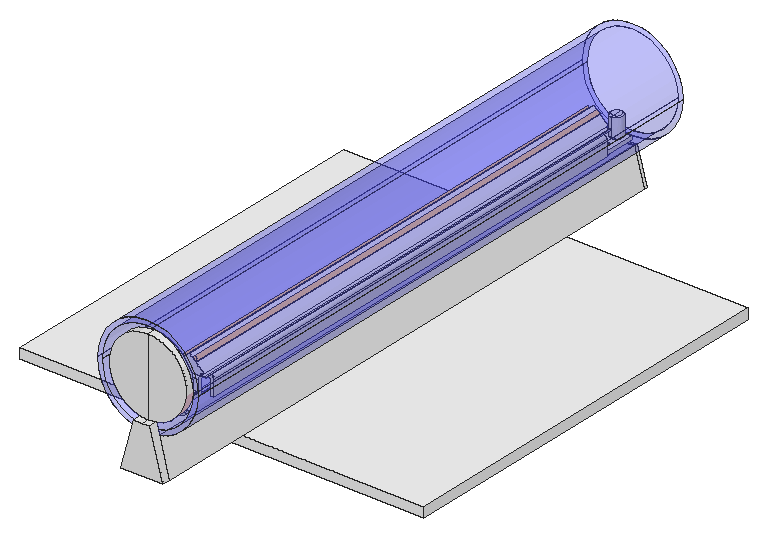
Revit family "BE_50084.1_de_DE", category Leuchten, Revit 2015
Parameters (values of type "BEGA_50084.1_K4")
  built-in parameter 1150104 = 13.285 (stored number, unit not read)
  Wattage = 30 W
  Default Elevation = 0 mm
  built-in parameter 1150113 = 1 (stored number, unit not read)
  built-in parameter 1114218 = 1 (stored number, unit not read)
  Umgebungstemperatur = "25 °C"
  URL = "http://www.bega.de/produkt/50084.1"
  Typenkommentare = "© 2017 BEGA. Wir behalten uns das Recht vor, technische Änderungen ohne vorherige Ankündigung vorzunehmen."  # constant formula
  built-in parameter 1150134 = 12
  built-in parameter 1150109 = 1 (stored number, unit not read)
  Strom = ""
  built-in parameter 1150110 = 1 (stored number, unit not read)
  Spannung = 239.996 V
  Sonderanfertigung = no
  Seriennummer [instance] = "Hier können Sie die eindeutige Seriennummer für das Facility Management eintragen."
  Schutzklasse = "I"
  Schutzart = "IP 20"
  Scheinlast = 0 VA
  Produktdatenblatt = "http://www.bega.de/download/Xrfa/db/50084.1.db.de.pdf"
  Oberflächentemperatur = ""
  Neigungswinkel = 0.00°
  Modell = "50084.1K4"
  Material_17 = BEGA_Reflektor
  Material_15 = BEGA_Leuchtmedium_matt
  Material_11 = BEGA_Glas_opal
  Material_10 = BEGA_Glas_matt
  Material_09 = BEGA_Glas_klar
  Material_06 = BEGA_Oberfläche_Edelstahl_gebürstet
  Material_05 = BEGA_Oberfläche_Aluminium Guss
  Material_03 = BEGA_Oberfläche_Weiss_matt
  Material_02 = BEGA_Oberfläche_Silber_matt
  Material_01 [instance] = BEGA_Oberfläche_Grafit_matt
  M_W = no
  M_G = no
  M_A = no
  Logo = 0
  built-in parameter 1114217 = 1 (stored number, unit not read)
  built-in parameter 1150139 = (empty or 0)
  built-in parameter 1150105 = 341.39 (stored number, unit not read)
  built-in parameter 1150114 = 1 (stored number, unit not read)
  Lumens = 4290 lm
  built-in parameter 1150115 = 1 (stored number, unit not read)
  Leuchtenlichtstrom = "3432 lm"
  Leuchtenanzahl = ""
  Lebensdauerkriterien = "L70B50 @ 25 °C = 159000 h"
  Lastklassifizierung = Beleuchtung
  built-in parameter 1150112 = 1 (stored number, unit not read)
  Lampenlichtstrom = "4290 lm"
  Lampe = "LED 30 W"
  LED_Modulbezeichnung = "2x LED-0626/940 + 2x LED-0627/940 "
  Hersteller = "BEGA"  # constant formula
  Halbstreuwinkel = ""
  Gewicht = "3.0 kg"
  Gebrauchslageneinschränkung [instance] = ""
  Frequenz = "0/50-60 Hz"
  Farbwiedergabeindex = "Ra > 90"
  Farbtemperaturverschiebung bei Dämpfen der Lampe = <Keine Auswahl>
  Farbtemperatur = "4000 K"
  Color Filter = 16777215
  built-in parameter 1150133 = 10 (stored number, unit not read)
  Energieeffizienzklasse = "LED A++ - A"
  built-in parameter 1150137 = (empty or 0)
  built-in parameter 1150132 = (empty or 0)
  ENEC = ""
  Dimmbar [instance] = "DALI"
  Datei für fotometrisches Netz = "BE_50084K4.IES"
  CE_Konformität = "ja"
  Bestellnummer = "50084.1K4"
  Beschreibung_Sonderanfertigung = "Hier können Sie Informationen zur Sonderanfertigung eintragen."
  Beschreibung = "Wandleuchte"
  built-in parameter 1150106 = 3.4139 (stored number, unit not read)
  Befestigungsbohrung = "Ø 6,5 mm"
  Befestigungsabstand = "520 mm"
  Ballwurfsicher = ""
  BEGA_Intern_aus = yes
  BEGA_Intern_an = yes
  BEGA_Intern_Konstruktion = yes
  BEGA_Intern = yes
  BEGA_IES = yes
  BEGA_Dummy = no
  Anschlussleitung = ""
  Anschlussleistung [instance] = "35.6 W"
  Anschlusskasten = ""
  built-in parameter 1150107 = 4000 (stored number, unit not read)
  built-in parameter 1150102 = (empty or 0)
  built-in parameter 1150138 = (empty or 0)
  Aktualisierung = "2017-09-29T04:10:01"
  Abstand_zur_angestrahlten_Fläche [instance] = ""
  AC/DC = "AC/DC"
Types (2, lengths in mm): name | built-in parameter 1150104 | built-in parameter 1150134 | Modell | built-in parameter 1150105 | Lumens | Leuchtenlichtstrom | Lampenlichtstrom | LED_Modulbezeichnung | Farbtemperatur | Datei für fotometrisches Netz | Bestellnummer | built-in parameter 1150106 | built-in parameter 1150107
  BEGA_50084.1_K3 | 11.919 (stored number, unit not read) | (empty or 0) | "50084.1" | 306.29 (stored number, unit not read) | 3849 lm | "3311 lm" | "3850 lm" | "2x LED-0626/930 + 2x LED-0627/930 " | "3000 K" | "BE_50084.IES" | "50084.1" | 3.0629 (stored number, unit not read) | 3000 (stored number, unit not read)
  BEGA_50084.1_K4 | 13.285 (stored number, unit not read) | 12 | "50084.1K4" | 341.39 (stored number, unit not read) | 4290 lm | "3432 lm" | "4290 lm" | "2x LED-0626/940 + 2x LED-0627/940 " | "4000 K" | "BE_50084K4.IES" | "50084.1K4" | 3.4139 (stored number, unit not read) | 4000 (stored number, unit not read)
Reference planes
  plane 1 "Mitte (Vorne/Hinten)": y = 0
  plane 2: z = 0
  plane 3 "Mitte (Links/Rechts)": x = 0
  plane 4 "Links": x = -50
  plane 5 "Rechts": x = 50
  plane 6 "Unten": y = -298.9
  plane 7 "Oben": y = 308
  plane 8 "Vorne": z = 134.681
  plane 9 "Hinten": z = 0
Forms (mm)
  Extrusion 1, solid, material "BEGA_Platte_Weiss"
    sketch origin (0, -1119.2, 0) x (1, 0, 0) y (0, 1, 0)
      loop
        line (-200, 1319.2) -> (-200, 919.2) -> (200, 919.2) -> (200, 1319.2) -> (-200, 1319.2)
    from 0 to -10
  Extrusion 2, solid, material "BEGA_Dummy_matt", visible <- "BEGA_Dummy"
    sketch origin (80.095, -76.023, 0) x (1, 0, 0) y (0, 1, 0)
      loop
        line (-130.095, 384.023) -> (-130.095, -222.877) -> (-30.095, -222.877) -> (-30.095, 384.023) -> (-130.095, 384.023)
    from 0 to 134.681
Dimensions and locks
  plane 1 "Mitte (Vorne/Hinten)" to Extrusion 1 = 200 mm
  aligned and locked: plane 2 to Extrusion 1
  aligned and locked: level to Extrusion 1
Nested families
  nested 1: "BE_50084.1" at (0, 0, 0), type "BE_50084.1"
Connectors
  electrical at (0, 0, 0), driven by "Lastklassifizierung", driven by "Spannung", driven by "Scheinlast"
    settings: index 1, voltage 239.996 V, apparent load 0 VA, apparent load phase1 0 VA, apparent load phase2 0 VA, apparent load phase3 0 VA, power factor 1, load classification "Beleuchtung", number of poles 1, system type 31, power factor state 1, is connector primary yes, connector utility no, sub classification motor no, connector description ""
Definition of nested family "BE_50084.1"
  Parameters (values of type "BE_50084.1")
    Default Elevation = 1 mm
    URL = "http://www.bega.de/de/produkt"
    Type Comments = "© 2015 BEGA. Wir behalten uns das Recht vor, technische Änderungen ohne vorherige Ankündigung vorzunehmen. "  # constant formula
    Type Image = (empty or 0)
    Neigungswinkel_um_Z2 = 0.00°
    Neigungswinkel_um_Z1 = 0.00°
    Neigungswinkel_um_Y2 = 0.00°
    Neigungswinkel_um_Y1 = 0.00°
    Neigungswinkel_um_X2 = 0.00°
    Neigungswinkel_um_X1 = 0.00°
    Material_17 = none
    Material_15 = none
    Material_11 = none
    Material_10 = none
    Material_09 = none
    Material_06 = none
    Material_05 = none
    Material_03 = none
    Material_02 = none
    Material_01 = none
    M_W = yes
    M_G = yes
    M_A = yes
    Länge_Platte = 200 mm  # constant formula
    Höhe_Platte = -10 mm  # constant formula
    Manufacturer = "BEGA"  # constant formula
    Drehwinkel_um_Z2 = 0.00°
    Drehwinkel_um_Z1 = 0.00°
    Breite_Platte = 700 mm  # constant formula
  Reference planes
    plane 1 "Mitte (Oben/Unten)": y = 0
    plane 2: z = 0
    plane 3 "Mitte (Links/Rechts)": x = 0
    plane 4: x = -50
    plane 5: z = 134.681
    plane 6: x = 50
    plane 7: y = -298.9
    plane 8: y = 308
  Forms (mm)
    Extrusion 1, solid, detail levels medium
      sketch origin (0, 0, 0) x (1, 0, 0) y (0, 1, 0)
        loop
          line (-100, 350) -> (-100, -350) -> (100, -350) -> (100, 350) -> (-100, 350)
      from 0 to -10 <- "Höhe_Platte"
    Extrusion 2, solid, material <- "Material_03", detail levels medium+fine
      sketch origin (0, 0, 0) x (1, 0, 0) y (0, 0, 1)
        loop
          line (-20.646, 0) -> (20.646, 0) -> (11.012, 35.956)
          arc (11.012, 35.956) -> (0, 34.411) -> (-11.012, 35.956) r 40
          line (-11.012, 35.956) -> (-20.646, 0)
      from -299 to -297
    Extrusion 3, solid, material <- "Material_03", detail levels medium+fine
      sketch origin (0, 0, 0) x (1, 0, 0) y (0, 0, -1)
        loop
          line (-20.646, 0) -> (-7.972, -47.302)
          arc (-7.972, -47.302) -> (-4.008, -46.672) -> (0, -46.461) r 38.219
          arc (0, -46.461) -> (4.008, -46.672) -> (7.972, -47.302) r 38.219
          line (7.972, -47.302) -> (20.646, 0) -> (-20.646, 0)
      from -298.9 to -291.428
    Revolve 4, solid, material <- "Material_03", detail levels medium+fine
      sketch origin (0, 0, 0) x (0, 1, 0) y (0, 0, 1)
        loop
          line (-291.428, 84.681) -> (-283.4, 84.681) -> (-283.4, 122.9) -> (-291.428, 122.9) -> (-291.428, 84.681)
        axis (-283.4, 84.681) -> (-291.428, 84.681)
      angle from 0 to 360
    Extrusion 5, solid, material <- "Material_03", detail levels medium+fine
      sketch origin (0, 0, 0) x (1, 0, 0) y (0, 0, 1)
        loop
          line (20.646, 0) -> (11.012, 35.956)
          arc (11.012, 35.956) -> (0, 34.411) -> (-11.012, 35.956) r 40
          line (-11.012, 35.956) -> (-20.646, 0) -> (-18.576, 0) -> (-10.152, 31.437)
          arc (-10.152, 31.437) -> (-9.235, 32.642) -> (-7.737, 32.86) r 2
          arc (-7.737, 32.86) -> (-0.004, 31.911) -> (7.729, 32.858) r 32
          arc (7.729, 32.858) -> (9.232, 32.644) -> (10.152, 31.437) r 2
          line (10.152, 31.437) -> (18.576, 0) -> (20.646, 0)
      from -297 to 291.428
    Extrusion 6, solid, material <- "Material_11", detail levels medium+fine
      sketch origin (0, 0, 0) x (1, 0, 0) y (0, 0, 1)
        loop
          circle (0, 84.681) r 50
        loop
          circle (0, 84.681) r 45
      from -308 to 291.428
    Extrusion 7, solid, material <- "Material_03", detail levels medium+fine
      sketch origin (0, 0, 0) x (1, 0, 0) y (0, 0, 1)
        loop
          arc (-15, 67) -> (-17.828, 65.828) -> (-19, 63) r 4
          line (-19, 63) -> (-19, 48) -> (-16, 48) -> (-16, 63)
          arc (-16, 63) -> (-15.707, 63.707) -> (-15, 64) r 1
          line (-15, 64) -> (15, 64)
          arc (15, 64) -> (15.707, 63.707) -> (16, 63) r 1
          line (16, 63) -> (16, 48) -> (19, 48) -> (19, 63)
          arc (19, 63) -> (17.828, 65.828) -> (15, 67) r 4
          line (15, 67) -> (-15, 67)
      from -251.46 to 233.382
    Extrusion 8, solid, material <- "Material_03", detail levels medium+fine
      sketch origin (0, 0, 0) x (0, 1, 0) y (0, 0, 1)
        loop
          arc (254.978, 44.6) -> (256.15, 41.772) -> (258.978, 40.6) r 4
          line (258.978, 40.6) -> (294.978, 40.6) -> (294.978, 43.6) -> (258.978, 43.6)
          arc (258.978, 43.6) -> (258.271, 43.893) -> (257.978, 44.6) r 1
          line (257.978, 44.6) -> (257.978, 63)
          arc (257.978, 63) -> (256.807, 65.828) -> (253.978, 67) r 4
          line (253.978, 67) -> (251.46, 67) -> (251.46, 64) -> (253.978, 64)
          arc (253.978, 64) -> (254.685, 63.707) -> (254.978, 63) r 1
          line (254.978, 63) -> (254.978, 44.6)
        loop
          line (-236.9, 52) -> (-236.9, 63)
          arc (-236.9, 63) -> (-236.607, 63.707) -> (-235.9, 64) r 1
          line (-235.9, 64) -> (-233.382, 64) -> (-233.382, 67) -> (-235.9, 67)
          arc (-235.9, 67) -> (-238.728, 65.828) -> (-239.9, 63) r 4
          line (-239.9, 63) -> (-239.9, 52)
          arc (-239.9, 52) -> (-240.193, 51.293) -> (-240.9, 51) r 1
          line (-240.9, 51) -> (-283.4, 51) -> (-283.4, 48) -> (-240.9, 48)
          arc (-240.9, 48) -> (-238.072, 49.172) -> (-236.9, 52) r 4
      from -8.933 to 9.022
    Revolve 9, solid, material <- "Material_05", detail levels medium+fine
      sketch origin (0, 0, 0) x (0, 1, 0) y (0, 0, 1)
        loop
          line (283, 63.85) -> (282.012, 62.862) -> (282.001, 44.85) -> (283.25, 43.6) -> (285.75, 43.6) -> (285.75, 33.498) -> (288, 33.498) -> (288, 63.85) -> (283, 63.85)
        axis (288, 63.85) -> (288, 33.498)
      angle from 0 to 360
    Extrusion 10, solid, material <- "Material_05", detail levels medium+fine
      sketch origin (0, 0, 0) x (1, 0, 0) y (0, 0, 1)
        loop
          line (-14.302, 70) -> (-11.5, 70) -> (-11.5, 68.5) -> (-15.957, 68.5) -> (-16.591, 67.866)
          arc (-16.591, 67.866) -> (-16.715, 67.317) -> (-16.25, 67) r 0.5
          line (-16.25, 67) -> (16.25, 67)
          arc (16.25, 67) -> (16.715, 67.317) -> (16.591, 67.866) r 0.5
          line (16.591, 67.866) -> (15.957, 68.5) -> (11.5, 68.5) -> (11.5, 70) -> (14.302, 70) -> (0.47, 82.899) -> (-0.47, 82.899) -> (-14.302, 70)
      from -259.1 to 240.9
    Extrusion 11, solid, material <- "Material_15", detail levels medium+fine
      sketch origin (0, 0, 0) x (1, 0, 0) y (0, 0, 1)
        loop
          line (-6.643, 77.57) -> (-3.369, 80.623) -> (-4.568, 81.908) -> (-7.841, 78.855) -> (-6.643, 77.57)
        loop
          line (6.643, 77.57) -> (7.841, 78.855) -> (4.568, 81.908) -> (3.369, 80.623) -> (6.643, 77.57)
      from -257.978 to 239.9
    Extrusion 12, void
      sketch origin (0, 0, 0) x (1, 0, 0) y (0, 1, 0)
        loop
          circle (0, 271) r 5
        loop
          circle (0, -248.973) r 5
      from 30.614 to 54.603
    Extrusion 13, solid, material <- "Material_03", detail levels medium+fine
      sketch origin (0, 0, 0) x (1, 0, 0) y (0, 0, 1)
        loop
          line (-7.778, 48.025) -> (-8.296, 46.092)
          arc (-8.296, 46.092) -> (0, 44.926) -> (8.296, 46.092) r 30.074
          line (8.296, 46.092) -> (7.778, 48.025)
          arc (7.778, 48.025) -> (3.928, 47.202) -> (0, 46.926) r 28.074
          arc (0, 46.926) -> (-3.928, 47.202) -> (-7.778, 48.025) r 28.074
      from 283.4 to 291.428
  Cuts and joins
    joined: Extrusion 2, Extrusion 3, Revolve 4, Extrusion 13
    Extrusion 12 cuts Extrusion 7
    Extrusion 12 cuts Extrusion 8
    joined: Extrusion 7, Extrusion 8
    Extrusion 12 cuts Extrusion 5
    Extrusion 12 cuts Extrusion 10
  Dimensions and locks
    equal spacing: Extrusion 1 sketch curve, plane 3 "Mitte (Links/Rechts)", Extrusion 1 sketch curve
    equal spacing: Extrusion 1 sketch curve, plane 1 "Mitte (Oben/Unten)", Extrusion 1 sketch curve
    "Länge_Platte": Extrusion 1 sketch curve to Extrusion 1 sketch curve
    "Breite_Platte": Extrusion 1 sketch curve to Extrusion 1 sketch curve
    aligned and locked: Extrusion 1 to plane 2
    aligned and locked: level to Extrusion 1
  Automatic sketch dimensions
    Extrusion 2 sketch curve to level = 0 mm
    Extrusion 2 sketch curve to plane 3 "Mitte (Links/Rechts)" = 11.012 mm
    Extrusion 2 sketch curve to plane 3 "Mitte (Links/Rechts)" = 20.646 mm
    plane 3 "Mitte (Links/Rechts)" to Extrusion 2 sketch curve = 11.012 mm
    plane 3 "Mitte (Links/Rechts)" to Extrusion 2 sketch curve = 20.646 mm
    level to Extrusion 2 sketch curve = 35.956 mm
    Extrusion 3 sketch curve to level = 0 mm
    Extrusion 3 sketch curve to plane 3 "Mitte (Links/Rechts)" = 20.646 mm
    plane 3 "Mitte (Links/Rechts)" to Extrusion 3 sketch curve = 20.646 mm
    Extrusion 3 sketch curve to Extrusion 3 sketch curve = 0 mm  (x3)
    Extrusion 7 sketch curve to Extrusion 7 sketch curve = 0 mm  (x10)
    Extrusion 7 sketch curve to plane 3 "Mitte (Links/Rechts)" = 19 mm
    Extrusion 7 sketch curve to Extrusion 7 sketch curve = 1 mm  (x2)
    Extrusion 7 sketch curve to Extrusion 7 sketch curve = 3 mm  (x2)
    Extrusion 7 sketch curve to Extrusion 7 sketch curve = 15 mm
    plane 3 "Mitte (Links/Rechts)" to Extrusion 7 sketch curve = 15 mm
    Extrusion 8 sketch curve to Extrusion 8 sketch curve = 0 mm  (x10)
    Extrusion 8 sketch curve to Extrusion 8 sketch curve = 42.5 mm
    Extrusion 8 sketch curve to Extrusion 8 sketch curve = 1 mm  (x4)
    Extrusion 8 sketch curve to Extrusion 8 sketch curve = 3 mm  (x2)
    Extrusion 8 sketch curve to Extrusion 8 sketch curve = 2.518 mm  (x2)
    Extrusion 8 sketch curve to Extrusion 8 sketch curve = 36 mm
    level to Extrusion 8 sketch curve = 48 mm
    level to Extrusion 8 sketch curve = 40.6 mm
    Extrusion 8 sketch curve to Extrusion 8 sketch curve = 18.4 mm
    Extrusion 8 sketch curve to Extrusion 8 sketch curve = 11 mm
    Revolve 9 sketch curve to Revolve 9 sketch curve = 0.999 mm
    Revolve 9 sketch curve to Revolve 9 sketch curve = 1.248 mm
    Revolve 9 sketch curve to Revolve 9 sketch curve = 2.5 mm
    Revolve 9 sketch curve to Revolve 9 sketch curve = 5 mm
    Revolve 9 sketch curve to Revolve 9 sketch curve = 2.25 mm
    Revolve 9 sketch curve to Revolve 9 sketch curve = 19 mm
    Revolve 9 sketch curve to Revolve 9 sketch curve = 1.25 mm
    Revolve 9 sketch curve to Revolve 9 sketch curve = 10.102 mm
    Revolve 9 sketch curve to Revolve 9 sketch curve = 0.988 mm  (x2)
    Extrusion 10 sketch curve to plane 3 "Mitte (Links/Rechts)" = 16.591 mm
    Extrusion 10 sketch curve to Extrusion 10 sketch curve = 0.341 mm  (x2)
    Extrusion 10 sketch curve to Extrusion 10 sketch curve = 0.634 mm  (x3)
    Extrusion 10 sketch curve to Extrusion 10 sketch curve = 1.654 mm  (x2)
    Extrusion 10 sketch curve to Extrusion 10 sketch curve = 2.802 mm  (x2)
    Extrusion 10 sketch curve to plane 3 "Mitte (Links/Rechts)" = 0.47 mm
    plane 3 "Mitte (Links/Rechts)" to Extrusion 10 sketch curve = 0.47 mm
    plane 3 "Mitte (Links/Rechts)" to Extrusion 10 sketch curve = 11.5 mm
    Extrusion 10 sketch curve to Extrusion 10 sketch curve = 0.293 mm
    Extrusion 10 sketch curve to Extrusion 10 sketch curve = 1.5 mm  (x2)
    Extrusion 10 sketch curve to Extrusion 10 sketch curve = 0.366 mm  (x2)
    Extrusion 11 sketch curve to plane 3 "Mitte (Links/Rechts)" = 7.841 mm
    Extrusion 11 sketch curve to Extrusion 11 sketch curve = 1.198 mm  (x4)
    Extrusion 11 sketch curve to Extrusion 11 sketch curve = 3.274 mm  (x2)
    plane 3 "Mitte (Links/Rechts)" to Extrusion 11 sketch curve = 3.369 mm
    Extrusion 11 sketch curve to Extrusion 11 sketch curve = 1.285 mm  (x4)
    Extrusion 5 sketch curve to level = 0 mm  (x2)
    Extrusion 5 sketch curve to plane 3 "Mitte (Links/Rechts)" = 0 mm  (x2)
    Extrusion 5 sketch curve to plane 3 "Mitte (Links/Rechts)" = 8.22 mm
    Extrusion 5 sketch curve to plane 3 "Mitte (Links/Rechts)" = 11.012 mm
    Extrusion 5 sketch curve to plane 3 "Mitte (Links/Rechts)" = 18.576 mm
    Extrusion 5 sketch curve to Extrusion 5 sketch curve = 2.071 mm  (x2)
    plane 3 "Mitte (Links/Rechts)" to Extrusion 5 sketch curve = 8.22 mm
    plane 3 "Mitte (Links/Rechts)" to Extrusion 5 sketch curve = 11.012 mm
    plane 3 "Mitte (Links/Rechts)" to Extrusion 5 sketch curve = 18.576 mm
    Extrusion 5 sketch curve to Extrusion 5 sketch curve = 0 mm  (x6)
    Extrusion 5 sketch curve to Extrusion 5 sketch curve = 5.037 mm  (x2)
    Extrusion 5 sketch curve to Extrusion 5 sketch curve = 0.484 mm
    Extrusion 5 sketch curve to Extrusion 5 sketch curve = 1.932 mm  (x2)
    Extrusion 5 sketch curve to Extrusion 5 sketch curve = 0.491 mm
    Extrusion 5 sketch curve to Extrusion 5 sketch curve = 0.518 mm  (x2)
    level to Extrusion 5 sketch curve = 30.919 mm
    Extrusion 5 sketch curve to Extrusion 5 sketch curve = 10.5 mm
    level to Extrusion 7 sketch curve = 48 mm
    level to Revolve 9 sketch curve = 33.498 mm
    Revolve 9 sketch curve to Revolve 9 sketch curve = 0 mm  (x2)
    level to Revolve 9 sketch curve = 26.35 mm
    Revolve 9 sketch curve to Revolve 9 sketch curve = 2 mm
    level to Extrusion 10 sketch curve = 67 mm
    Extrusion 10 sketch curve to Extrusion 10 sketch curve = 12.899 mm
    level to Extrusion 11 sketch curve = 77.57 mm
    Extrusion 11 sketch curve to Extrusion 11 sketch curve = 0 mm
    Extrusion 11 sketch curve to Extrusion 11 sketch curve = 3.053 mm  (x2)
    Extrusion 13 sketch curve to plane 3 "Mitte (Links/Rechts)" = 0 mm
    Extrusion 13 sketch curve to plane 3 "Mitte (Links/Rechts)" = 7.778 mm
    plane 3 "Mitte (Links/Rechts)" to Extrusion 13 sketch curve = 7.778 mm
    Extrusion 13 sketch curve to Extrusion 13 sketch curve = 0 mm  (x4)
    Extrusion 13 sketch curve to Extrusion 13 sketch curve = 0.518 mm  (x2)
    Extrusion 13 sketch curve to Extrusion 13 sketch curve = 1.932 mm
    level to Extrusion 13 sketch curve = 46.092 mm
    plane 1 "Mitte (Oben/Unten)" to Extrusion 8 sketch curve = 233.382 mm
    Extrusion 8 sketch curve to plane 1 "Mitte (Oben/Unten)" = 251.46 mm
    Revolve 9 sketch curve to plane 1 "Mitte (Oben/Unten)" = 282.001 mm
    Extrusion 6 sketch curve to Extrusion 6 sketch curve = 0 mm  (x3)
    Extrusion 6 sketch curve to plane 3 "Mitte (Links/Rechts)" = 0 mm
    Extrusion 2 sketch curve to plane 3 "Mitte (Links/Rechts)" = 0 mm
    Extrusion 2 sketch curve to Extrusion 2 sketch curve = 0 mm
    Revolve 4 sketch curve to Revolve 4 sketch curve = 8.028 mm
    Revolve 4 sketch curve to Revolve 4 sketch curve = 11.894 mm
    Revolve 4 sketch curve to Revolve 4 sketch curve = 8.6 mm
    Revolve 4 sketch curve to Revolve 4 sketch curve = 0 mm
    Extrusion 3 sketch curve to plane 3 "Mitte (Links/Rechts)" = 0 mm
    Extrusion 3 sketch curve to plane 3 "Mitte (Links/Rechts)" = 7.972 mm
    plane 3 "Mitte (Links/Rechts)" to Extrusion 3 sketch curve = 7.972 mm
    level to Extrusion 3 sketch curve = 47.302 mm
    level to Revolve 4 sketch curve = 84.681 mm
    Revolve 4 sketch curve to Revolve 4 sketch curve = 38.219 mm
    level to Extrusion 6 sketch curve = 84.681 mm
    plane 1 "Mitte (Oben/Unten)" to Revolve 4 sketch curve = 291.428 mm
    radius of Extrusion 6 sketch curve = 50 mm
    radius of Extrusion 6 sketch curve = 45 mm
